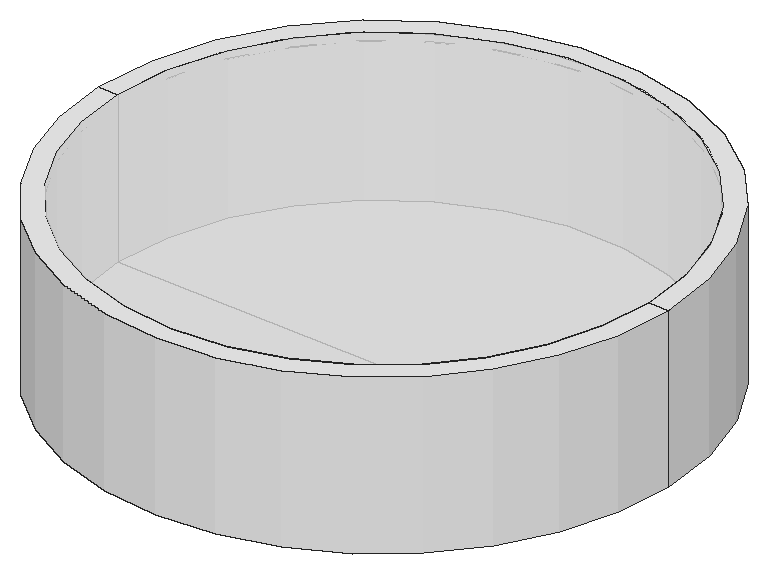
Revit family "Lighting_Fixture-Prudential_Lighting-P4000_Surface", category Lighting Fixtures, host Face, Revit 2015
Parameters (values of type "Not a Type - Load Type Catalog")
  Wattage Comments = "18W per Lamp"
  Wattage = 25.2454 W
  built-in parameter 1150110 = 1 (stored number, unit not read)
  Voltage = 120 V
  URL = "http://www.prulite.com"
  Total Lumens = 3750 lm
  built-in parameter 1114217 = 1 (stored number, unit not read)
  Tilt Angle = -90.00°
  built-in parameter 1150109 = 1 (stored number, unit not read)
  built-in parameter 1150134 = (empty or 0)
  built-in parameter 1150113 = 1 (stored number, unit not read)
  Shielding Material = Acrylic - Prudential Lighting - White
  Product Page URL = "http://www.prulite.com/product/p4000/"
  Product Name = "Sky Oculus P4000"  # constant formula
  Product Documentation Link = "http://www.prulite.com/prod/f/3242/P4000%20spec.pdf"
  Power Factor = 1
  Photometric Web File = "generic.ies"
  Phase = 1
  Overall Height [instance] = if(Convex Shielding, 0' 6", 0' 5")  # 0' - 5"
  Overall Diameter = if(Nominal Diameter = 1' 6", 1' 6", if(Nominal Diameter = 2' 0", 2' 2", if(Nominal Diameter = 3' 0", 3' 1", 3' 11 5/8")))  # 1' - 6"
  Number of Poles = 1
  Nominal Diameter = 1' - 6"
  Model = "P4018-3BX18w-WA-YGW-D1-SUR"
  Material = ""
  Manufacturer = "Prudential Lighting"  # constant formula
  built-in parameter 1150105 = 591.4 (stored number, unit not read)
  Lumens = 3750 lm
  built-in parameter 1150115 = 1 (stored number, unit not read)
  Load Classification = Lighting
  built-in parameter 1150137 = (empty or 0)
  built-in parameter 1150139 = (empty or 0)
  built-in parameter 1150112 = 1 (stored number, unit not read)
  Lamp Quantity = 3
  built-in parameter 1150114 = 1 (stored number, unit not read)
  Lamp = "Biax"
  built-in parameter 1150132 = 2
  built-in parameter 1150102 = (empty or 0)
  built-in parameter 1150107 = 3500 (stored number, unit not read)
  built-in parameter 1150138 = (empty or 0)
  built-in parameter 1150106 = 5.914 (stored number, unit not read)
  Housing Material = Steel - Prudential Lighting - White
  Frequency = 60 Hz
  Flat Shielding [instance] = yes
  Emergency Lighting [instance] = no
  built-in parameter 1150104 = 13.8 (stored number, unit not read)
  Dimming Lamp Color Temperature Shift = (empty or 0)
  Description = "Surface Mounted Down Lighting"  # constant formula
  Default Elevation = 0' - 0"
  Convex Shielding [instance] = not(Flat Shielding)  # no
  Color Filter = 16777215
  built-in parameter 1140040 [instance] = 1
  built-in parameter 1114218 = 1 (stored number, unit not read)
  built-in parameter 1150133 = 10 (stored number, unit not read)
  Assembly Code = "D5020210"
  Apparent Load = 54 VA
Values of the unnamed type that differ from the named types
  Product Page URL = "http://www.prulite.com/prod/?id=136"
Reference planes (in)
  plane 1 "Center (Front/Back)": y = 0
  plane 2: z = 0
  plane 3 "Center (Left/Right)": x = 0
  plane 4: z = 0
  plane 5: z = 5
  plane 6: x = 9
  plane 7: x = -9
  plane 8: y = 9
  plane 9: y = -9
  plane 10: z = 0.25
  plane 11: z = 5
Forms (in)
  Sweep 1, solid, material "Acrylic - Prudential Lighting - White" <- "Shielding Material", visible <- "Flat Shielding"
    path origin (0, 0, 0) x (1, 0, 0) y (0, 0, 1)
      loop
        line (0, 4.75) -> (0, 5)
    profile origin (0, 0, 4.875) x (-1, 0, 0) y (0, -1, 0)
      loop
        circle (0, 0) r 8.39844
  Revolve 2, solid, material "Acrylic - Prudential Lighting - White" <- "Shielding Material", visible <- "Convex Shielding"
    sketch origin (0, 0, 0) x (1, 0, 0) y (0, 0, 1)
      loop
        line (8.39844, 4.75) -> (8.39844, 5)
        arc (8.39844, 5) -> (4.22888, 5.74912) -> (0, 6) r 35.76688
        line (0, 6) -> (0, 5.75)
        arc (0, 5.75) -> (4.22888, 5.49912) -> (8.39844, 4.75) r 35.76688
      axis (0, 4.75) -> (0, 6)
    angle from 0 to 360
  Revolve 3, solid, material "Steel - Prudential Lighting - White" <- "Housing Material"
    sketch origin (0, 0, 0) x (1, 0, 0) y (0, 0, 1)
      loop
        line (-9, 5) -> (-9, 0) -> (0, 0) -> (0, 0.25) -> (-8.39844, 0.25) -> (-8.39844, 5) -> (-9, 5)
      axis (0, 5) -> (0, 0)
    angle from 0 to 360
Lines and regions (in)
  Masking region 1
    outline origin (0, 0, 0) x (1, 0, 0) y (0, 1, 0)
      loop
        circle (0, 0) r 9
  symbolic lines, detail levels medium+fine
    curve 1: circle (0, 0, 0) r 8.39844 normal (0, 0, 1)
Dimensions and locks (in)
  locked: plane 5 to plane 4 at 5
  equal spacing: plane 9, plane 1 "Center (Front/Back)", plane 8
  equal spacing: plane 7, plane 3 "Center (Left/Right)", plane 6
  "Nominal Diameter": plane 7 to plane 6
  "Nominal Diameter": plane 9 to plane 8
  locked: plane 10 to plane 4 at 0.25
  locked: plane 1 "Center (Front/Back)" to Sweep 1 sketch curve at 0
  locked: plane 3 "Center (Left/Right)" to Sweep 1 sketch curve
  locked: plane 4 to plane 2
  locked: plane 5 to Sweep 1 sketch curve at 0.25
  "Overall Height": plane 11 to plane 2
  locked: Revolve 3 sketch curve to plane 7 at 0.60156
  locked: Revolve 2 sketch curve to plane 6 at 0.60156
  locked: Revolve 2 sketch curve to plane 11 at 0.25
  plane 11 to Revolve 2 sketch curve to Revolve 2 sketch curve = 0' - 0 3/4" locked, 0' - 0 1/4" locked
  locked: plane 8 to Masking region 1 sketch curve at 0
  locked: plane 6 to Masking region 1 sketch curve at 0
  locked: plane 8 to Revolve 3 at 0.60156
  locked: curve 1 to plane 6 at 0.60156
  locked: Sweep 1 sketch curve to Sweep 1 sketch curve (radius 0' - 8 51/128")
  aligned and locked: plane 2 to host face
  aligned and locked: level to host face
  aligned and locked: plane 3 "Center (Left/Right)" to Sweep 1 sketch curve
  aligned and locked: Revolve 2 sketch curve to plane 3 "Center (Left/Right)"
  aligned and locked: plane 10 to Revolve 2 sketch curve
  aligned and locked: plane 3 "Center (Left/Right)" to Revolve 2 sketch curve
  aligned and locked: plane 4 to Revolve 2 sketch curve
  aligned and locked: plane 3 "Center (Left/Right)" to nested 1
  aligned and locked: plane 1 "Center (Front/Back)" to nested 1
  aligned and locked: plane 5 to Sweep 1 sketch curve
  aligned and locked: plane 11 to imposter light
  aligned and locked: plane 3 "Center (Left/Right)" to imposter light
  aligned and locked: imposter light to plane 1 "Center (Front/Back)"
  aligned and locked: Revolve 3 sketch curve to plane 3 "Center (Left/Right)"  (x2)
  aligned and locked: Revolve 3 sketch curve to plane 11
  aligned and locked: Revolve 3 sketch curve to plane 7
  aligned and locked: Revolve 3 sketch curve to plane 4
  aligned and locked: Revolve 3 sketch curve to plane 10
  aligned and locked: plane 11 to Revolve 2 sketch curve
Automatic sketch dimensions
  host sketch curve to host sketch curve = 8' - 0"  (x2)
  Revolve 3 sketch curve to level = 1' - 2 3/4"
  plane 5 to Revolve 3 sketch curve = 1' - 3 1/2"
  Masking region 1 sketch curve to plane 3 "Center (Left/Right)" = 0' - 0"
  plane 1 "Center (Front/Back)" to curve 1 = 0' - 0"
  curve 1 to plane 3 "Center (Left/Right)" = 0' - 0"
Nested families (in)
  nested 1: "Emergency Light Detail" at (0, 0, 0), visible <- "Emergency Lighting", type "Standard"
    with Radius 0' - 9"
Connectors (in)
  electrical at (0, 0, 0), driven by "Voltage", driven by "Apparent Load", driven by "Power Factor"
    settings: on Revolve 3, index 1, voltage 120 V, apparent load 0 VA, apparent load phase1 54 VA, apparent load phase2 0 VA, apparent load phase3 0 VA, power factor 1, load classification "Other", number of poles 1, system type 31, power factor state 1, is connector primary yes, connector utility no, sub classification motor no, connector description "Power Connector"
Definition of nested family "Emergency Light Detail"
  Parameters
    Radius [instance] = 1' - 0"
    Assembly Code = ""
  Reference planes (in)
    plane 1 "Center (Front/Back)": y = 0
    plane 2: z = 0
    plane 3 "Center (Left/Right)": x = 0
  Lines and regions (in)
    Filled region 1, type "Solid Fill - Black", in view "Ref. Level"
      outline origin (0, 0, 0) x (1, 0, 0) y (0, 1, 0)
        loop
          line (0, 0) -> (8.48528, -8.48528)
          arc (8.48528, -8.48528) -> (8.48528, 8.48528) -> (-8.48528, 8.48528) r 12
          line (-8.48528, 8.48528) -> (0, 0)
  Dimensions and locks (in)
    locked: plane 3 "Center (Left/Right)" to Filled region 1 sketch curve
    locked: plane 1 "Center (Front/Back)" to Filled region 1 sketch curve
    "Radius": radius of Filled region 1 sketch curve
    locked: Filled region 1 sketch curve to plane 1 "Center (Front/Back)" (angle 45.00°)
    locked: plane 3 "Center (Left/Right)" to Filled region 1 sketch curve (angle 45.00°)
    aligned and locked: plane 3 "Center (Left/Right)" to Filled region 1 sketch curve
    aligned and locked: plane 1 "Center (Front/Back)" to Filled region 1 sketch curve
Types in the file's own list only (30): name | Wattage Comments | Voltage | Total Lumens | Photometric Web File | Phase | Overall Diameter | Nominal Diameter | Model | Lamp Quantity | Lamp
  P4018-3Bx18w-120V-SUR | "18W" | 120 V | 1250 lm | "P3918-3BX-WA-D1.IES" | 1 | 1' - 6" | 1' - 6" | "P4018-3Bx18w-120V-SUR" | 3 | "Biax"
  P4018-3Bx18w-277V-SUR | "18W" | 277 V | 1250 lm | "P3918-3BX-WA-D1.IES" | 2 | 1' - 6" | 1' - 6" | "P4018-3Bx18w-277V-SUR" | 3 | "Biax"
  P4018-3Bx18w-347V-SUR | "18W" | 347 V | 1250 lm | "P3918-3BX-WA-D1.IES" | 2 | 1' - 6" | 1' - 6" | "P4018-3Bx18w-347V-SUR" | 3 | "Biax"
  P4020-1T8U6-120V-SUR | "18W" | 120 V | 2750 lm | "P3920-1T8U6-WA-D1.IES" | 1 | 2' - 2" | 2' - 0" | "P4020-1T8U6-120V-SUR" | 1 | "1T8"
  P4020-1T8U6-277V-SUR | "18W" | 277 V | 2750 lm | "P3920-1T8U6-WA-D1.IES" | 2 | 2' - 2" | 2' - 0" | "P4020-1T8U6-277V-SUR" | 1 | "1T8"
  P4020-1T8U6-347V-SUR | "18W" | 347 V | 2750 lm | "P3920-1T8U6-WA-D1.IES" | 2 | 2' - 2" | 2' - 0" | "P4020-1T8U6-347V-SUR" | 1 | "1T8"
  P4020-2Bx39w-120V-SUR | "39W" | 120 V | 5700 lm | "P3920-2BX39w-WA-D1.IES" | 1 | 2' - 2" | 2' - 0" | "P4020-2Bx39w-120V-SUR" | 2 | "1T8"
  P4020-2Bx39w-277V-SUR | "39W" | 277 V | 5700 lm | "P3920-2BX39w-WA-D1.IES" | 2 | 2' - 2" | 2' - 0" | "P4020-2Bx39w-277V-SUR" | 2 | "1T8"
  P4020-2Bx39w-347V-SUR | "39W" | 347 V | 5700 lm | "P3920-2BX39w-WA-D1.IES" | 2 | 2' - 2" | 2' - 0" | "P4020-2Bx39w-347V-SUR" | 2 | "1T8"
  P4020-2Bx55w-120V-SUR | "55W" | 120 V | 5700 lm | "P3920-2BX55w-WA-D9.ies" | 1 | 2' - 2" | 2' - 0" | "P4020-2Bx55w-120V-SUR" | 2 | "1T8"
  P4020-2Bx55w-277V-SUR | "55W" | 277 V | 5700 lm | "P3920-2BX55w-WA-D9.ies" | 2 | 2' - 2" | 2' - 0" | "P4020-2Bx55w-277V-SUR" | 2 | "1T8"
  P4020-2Bx55w-347V-SUR | "55W" | 347 V | 5700 lm | "P3920-2BX55w-WA-D9.ies" | 2 | 2' - 2" | 2' - 0" | "P4020-2Bx55w-347V-SUR" | 2 | "1T8"
  P4030-3T8U6-120V-SUR | "32W" | 120 V | 2850 lm | "P3930-3T8U6-WA-D1.IES" | 1 | 3' - 1" | 3' - 0" | "P4030-3T8U6-120V-SUR" | 3 | "3T8U6"
  P4030-3T8U6-277V-SUR | "32W" | 277 V | 2850 lm | "P3930-3T8U6-WA-D1.IES" | 2 | 3' - 1" | 3' - 0" | "P4030-3T8U6-277V-SUR" | 3 | "3T8U6"
  P4030-3T8U6-347V-SUR | "32W" | 347 V | 2850 lm | "P3930-3T8U6-WA-D1.IES" | 2 | 3' - 1" | 3' - 0" | "P4030-3T8U6-347V-SUR" | 3 | "3T8U6"
  P4030-6T5-120V-SUR | "21W" | 120 V | 2850 lm | "P3930-6T5-WA-D9.ies" | 1 | 3' - 1" | 3' - 0" | "P4030-6T5-120V-SUR" | 6 | "6T5"
  P4030-6T5-277V-SUR | "21W" | 277 V | 2850 lm | "P3930-6T5-WA-D9.ies" | 2 | 3' - 1" | 3' - 0" | "P4030-6T5-277V-SUR" | 6 | "6T5"
  P4030-6T5-347V-SUR | "21W" | 347 V | 2850 lm | "P3930-6T5-WA-D9.ies" | 2 | 3' - 1" | 3' - 0" | "P4030-6T5-347V-SUR" | 6 | "6T5"
  P4030-T5HO-120V-SUR | "21W" | 120 V | 2850 lm | "P4030-5T5-WA-D1.IES" | 1 | 3' - 1" | 3' - 0" | "P4030-T5HO-120V-SUR" | 6 | "T5HO"
  P4030-T5HO-277V-SUR | "21W" | 277 V | 2850 lm | "P4030-5T5-WA-D1.IES" | 2 | 3' - 1" | 3' - 0" | "P4030-T5HO-277V-SUR" | 6 | "T5HO"
  P4030-T5HO-347V-SUR | "21W" | 347 V | 2850 lm | "P4030-5T5-WA-D1.IES" | 2 | 3' - 1" | 3' - 0" | "P4030-T5HO-347V-SUR" | 6 | "T5HO"
  P4040-5T8U6-120V-SUR | "32W" | 120 V | 2850 lm | "P3940-5T8U6-WA-D1.IES" | 1 | 3' - 11 5/8" | 4' - 0" | "P4040-5T8U6-120V-SUR" | 5 | "5T8U6"
  P4040-5T8U6-277V-SUR | "32W" | 277 V | 2850 lm | "P3940-5T8U6-WA-D1.IES" | 2 | 3' - 11 5/8" | 4' - 0" | "P4040-5T8U6-277V-SUR" | 5 | "5T8U6"
  P4040-5T8U6-347V-SUR | "32W" | 347 V | 2850 lm | "P3940-5T8U6-WA-D1.IES" | 2 | 3' - 11 5/8" | 4' - 0" | "P4040-5T8U6-347V-SUR" | 5 | "5T8U6"
  P4040-7T5-120V-SUR | "21W" | 120 V | 1700 lm | "P3940-7T5-WA-D1.IES" | 1 | 3' - 11 5/8" | 4' - 0" | "P4040-7T5-120V-SUR" | 7 | "7T5"
  P4040-7T5-277V-SUR | "21W" | 277 V | 1700 lm | "P3940-7T5-WA-D1.IES" | 2 | 3' - 11 5/8" | 4' - 0" | "P4040-7T5-277V-SUR" | 7 | "7T5"
  P4040-7T5-347V-SUR | "21W" | 347 V | 1700 lm | "P3940-7T5-WA-D1.IES" | 2 | 3' - 11 5/8" | 4' - 0" | "P4040-7T5-347V-SUR" | 7 | "7T5"
  P4040-T5HO-120V-SUR | "21W" | 120 V | 1700 lm | "P3940-7T5-WA-D1.IES" | 1 | 3' - 11 5/8" | 4' - 0" | "P4040-T5HO-120V-SUR" | 6 | "T5HO"
  P4040-T5HO-277V-SUR | "21W" | 277 V | 1700 lm | "P3940-7T5-WA-D1.IES" | 2 | 3' - 11 5/8" | 4' - 0" | "P4040-T5HO-277V-SUR" | 6 | "T5HO"
  P4040-T5HO-347V-SUR | "21W" | 347 V | 1700 lm | "P3940-7T5-WA-D1.IES" | 2 | 3' - 11 5/8" | 4' - 0" | "P4040-T5HO-347V-SUR" | 6 | "T5HO"
